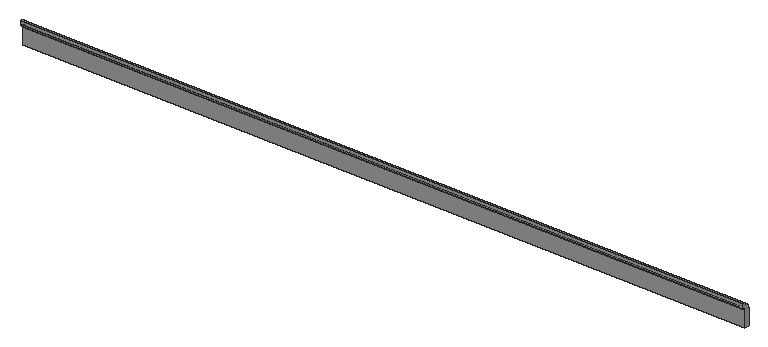
Revit family "CF1 FAMILY", category Generic Models, host Wall, Revit 2018
Family settings
  Host = Wall
  Can host rebar = No
  Round Connector Dimension = Use Diameter
  Part Type = Normal
  Always vertical = Yes
  Cut with Voids When Loaded = No
  Shared = No
  Room Calculation Point = No
Parameters (values of type "nmc")
  Width = 22 mm
  Material = white
  Length = 3992.141 mm
  Height = 110 mm
Types (2, lengths in mm): name | Width | Material | Height
  Type 1 | 0 | none | 0
  nmc | 22 | white | 110
Reference planes
  plane 1 "Wall": y = 0
  plane 2 "Center (Left/Right)": x = 125
  plane 3 "Back": y = 75
Forms (mm)
  Extrusion 1, solid, material "white" <- "Material"
    sketch origin (125, -4.907, -1.422) x (0, 1, 0) y (0, 0, 1)
      loop
        line (116, 1.495) -> (116, 89.495)
        arc (116, 89.495) -> (105.456, 114.951) -> (80, 125.495) r 36
        line (80, 125.495) -> (80, 103.495)
        arc (80, 103.495) -> (89.899, 99.395) -> (94, 89.495) r 14
        line (94, 89.495) -> (94, 1.495) -> (116, 1.495)
    from -1985.971 to 2006.17
Text (mm)
  text "Placement Side" at (-1848.837, 1116.779, 0), in view "Ref. Level"
  text "Placement side" at (0, 1409.804, 2854.306), in view "Left"
  text "Placement side" at (0, 499.811, 2980.732), in view "Right"
Dimensions and locks
  locked: plane 3 "Back" to host wall
  "Length": Extrusion 1 to Extrusion 1
  aligned and locked: plane 1 "Wall" to host wall
Automatic sketch dimensions
  Extrusion 1 sketch curve to Extrusion 1 sketch curve = 0 mm  (x2)
  host wall to Extrusion 1 sketch curve = 0.093 mm
  level to Extrusion 1 sketch curve = 0.073 mm
  host wall to Extrusion 1 sketch curve = 14.093 mm
  Extrusion 1 sketch curve to Extrusion 1 sketch curve = 22 mm
  Extrusion 1 sketch curve to Extrusion 1 sketch curve = 88 mm
